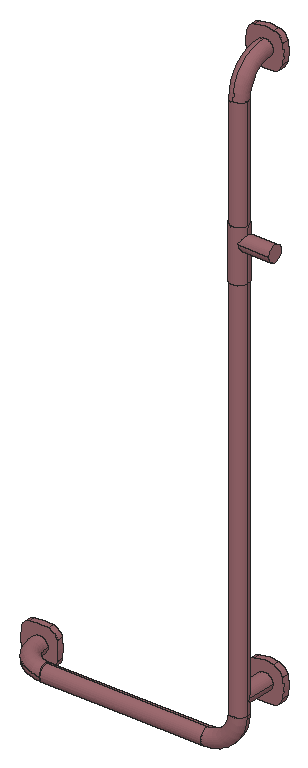
Revit family "Solo L shower support", category Specialty Equipment, Revit 2019
Family settings
  Round Connector Dimension = Use Diameter
  Part Type = Normal
  Work Plane-Based = No
  Always vertical = Yes
  Cut with Voids When Loaded = No
  Shared = No
  Room Calculation Point = No
Parameters (values of type "163805R")
  _Width_ = 440 mm
  _Height_ = 1200 mm
  _BIM_Content_Update_Date_ = ""  # constant formula
  _BIM_Content_Publish_Date_ = "08.07.2021"  # constant formula
  _BIM_Author_Contact_Details_ = "Mika Leinonen, B.Eng\r\nRevit BIM and 3D-visualization specialist\r\n\r\nCEO, Treedee Oy\r\n\r\nmika.leinonen@treedee.fi\r\n\r\n+358 (0) 40 188 5182\r\n\r\nwww.treedee.fi"
  _BIM_Author_ = "Mika Leinonen - Treedee Oy"  # constant formula
  URL = "www.korpinen.com"
  Right_Handed_ = yes
  Model = ""
  Manufacturer = "Väinö Korpinen Oy"  # constant formula
  _Color_ = RAL 3003 - Red
  Left_Handed_ = not(Right_Handed_)  # no
Types (6, lengths in mm): name | Right_Handed_ | _Color_ | Left_Handed_
  16806WAM | no | RAL 9016 - White | yes
  16806R | no | RAL 3003 - Red | yes
  16806G | no | RAL 7037 - Grey | yes
  16805GAM | yes | RAL 7037 - Grey | no
  163805R | yes | RAL 3003 - Red | no
  16805W | yes | RAL 9016 - White | no
Reference planes
  plane 1 "Center (Front/Back)": y = 0
  plane 2: z = 0
  plane 3 "Center (Left/Right)": x = 0
  plane 4: z = 0
  plane 5: x = 440
  plane 6: z = 1200
  plane 7: z = 90
  plane 8: y = -74
  plane 9: z = 0
Forms (mm)
  Sweep 1, solid, material "RAL 3003 - Red" <- "_Color_", visible <- "Left_Handed_"
    path origin (0, 0, 0) x (1, 0, 0) y (0, 0, 1)
      loop
        line (378, 0) -> (62, 0)
        arc (62, 0) -> (18.159, 18.159) -> (0, 62) r 62
        line (0, 62) -> (0, 1138)
    profile origin (0, 0, 600) x (-1, 0, 0) y (0, -1, 0)
      loop
        circle (0, 74) r 16
  Extrusion 2, solid, material "RAL 3003 - Red" <- "_Color_", visible <- "Left_Handed_"
    sketch origin (0, 0, -90) x (1, 0, 0) y (0, 0, 1)
      loop
        arc (458.5, 125) -> (440, 126.771) -> (421.5, 125) r 97.5
        arc (421.5, 125) -> (410.944, 119.056) -> (405, 108.5) r 22.5
        arc (405, 108.5) -> (403.229, 90) -> (405, 71.5) r 97.5
        arc (405, 71.5) -> (410.944, 60.944) -> (421.5, 55) r 22.5
        arc (421.5, 55) -> (440, 53.229) -> (458.5, 55) r 97.5
        arc (458.5, 55) -> (469.056, 60.944) -> (475, 71.5) r 22.5
        arc (475, 71.5) -> (476.771, 90) -> (475, 108.5) r 97.5
        arc (475, 108.5) -> (469.056, 119.056) -> (458.5, 125) r 22.5
      loop
        arc (35, 198.5) -> (29.056, 209.056) -> (18.5, 215) r 22.5
        arc (18.5, 215) -> (0, 216.771) -> (-18.5, 215) r 97.5
        arc (-18.5, 215) -> (-29.056, 209.056) -> (-35, 198.5) r 22.5
        arc (-35, 198.5) -> (-36.771, 180) -> (-35, 161.5) r 97.5
        arc (-35, 161.5) -> (-29.056, 150.944) -> (-18.5, 145) r 22.5
        arc (-18.5, 145) -> (0, 143.229) -> (18.5, 145) r 97.5
        arc (18.5, 145) -> (29.056, 150.944) -> (35, 161.5) r 22.5
        arc (35, 161.5) -> (36.771, 180) -> (35, 198.5) r 97.5
      loop
        arc (18.5, 1325) -> (0, 1326.771) -> (-18.5, 1325) r 97.5
        arc (-18.5, 1325) -> (-29.056, 1319.056) -> (-35, 1308.5) r 22.5
        arc (-35, 1308.5) -> (-36.771, 1290) -> (-35, 1271.5) r 97.5
        arc (-35, 1271.5) -> (-29.056, 1260.944) -> (-18.5, 1255) r 22.5
        arc (-18.5, 1255) -> (0, 1253.229) -> (18.5, 1255) r 97.5
        arc (18.5, 1255) -> (29.056, 1260.944) -> (35, 1271.5) r 22.5
        arc (35, 1271.5) -> (36.771, 1290) -> (35, 1308.5) r 97.5
        arc (35, 1308.5) -> (29.056, 1319.056) -> (18.5, 1325) r 22.5
    from 0 to 12
  Sweep 3, solid, material "RAL 3003 - Red" <- "_Color_", visible <- "Left_Handed_"
    path origin (0, 0, 0) x (0, 1, 0) y (0, 0, 1)
      loop
        arc (-12, 1200) -> (-55.841, 1181.841) -> (-74, 1138) r 62
    profile origin (0, -55.841, 1181.841) x (0, 0.707107, -0.707107) y (1, 0, 0)
      loop
        circle (0, 0) r 16
  Extrusion 4, solid, material "RAL 3003 - Red" <- "_Color_", visible <- "Left_Handed_"
    sketch origin (0, -12, -90) x (1, 0, 0) y (0, 0, 1)
      loop
        circle (0, 180) r 16
    from 0 to 62
  Sweep 5, solid, material "RAL 3003 - Red" <- "_Color_", visible <- "Left_Handed_"
    path origin (0, 0, 0) x (1, 0, 0) y (0, 1, 0)
      loop
        arc (440, -12) -> (421.841, -55.841) -> (378, -74) r 62
    profile origin (421.841, -55.841, 0) x (0.707107, -0.707107, 0) y (0, 0, 1)
      loop
        circle (0, 0) r 16
  Sweep 6, solid, material "RAL 3003 - Red" <- "_Color_", visible <- "Right_Handed_"
    path origin (440, 0, 0) x (-1, 0, 0) y (0, 0, 1)
      loop
        line (378, 0) -> (62, 0)
        arc (62, 0) -> (18.159, 18.159) -> (0, 62) r 62
        line (0, 62) -> (0, 1138)
    profile origin (440, 0, 600) x (-1, 0, 0) y (0, -1, 0)
      loop
        circle (0, 74) r 16
  Extrusion 7, solid, material "RAL 3003 - Red" <- "_Color_", visible <- "Right_Handed_"
    sketch origin (440, 0, -90) x (-1, 0, 0) y (0, 0, -1)
      loop
        arc (458.5, -125) -> (469.056, -119.056) -> (475, -108.5) r 22.5
        arc (475, -108.5) -> (476.771, -90) -> (475, -71.5) r 97.5
        arc (475, -71.5) -> (469.056, -60.944) -> (458.5, -55) r 22.5
        arc (458.5, -55) -> (440, -53.229) -> (421.5, -55) r 97.5
        arc (421.5, -55) -> (410.944, -60.944) -> (405, -71.5) r 22.5
        arc (405, -71.5) -> (403.229, -90) -> (405, -108.5) r 97.5
        arc (405, -108.5) -> (410.944, -119.056) -> (421.5, -125) r 22.5
        arc (421.5, -125) -> (440, -126.771) -> (458.5, -125) r 97.5
      loop
        arc (35, -198.5) -> (36.771, -180) -> (35, -161.5) r 97.5
        arc (35, -161.5) -> (29.056, -150.944) -> (18.5, -145) r 22.5
        arc (18.5, -145) -> (0, -143.229) -> (-18.5, -145) r 97.5
        arc (-18.5, -145) -> (-29.056, -150.944) -> (-35, -161.5) r 22.5
        arc (-35, -161.5) -> (-36.771, -180) -> (-35, -198.5) r 97.5
        arc (-35, -198.5) -> (-29.056, -209.056) -> (-18.5, -215) r 22.5
        arc (-18.5, -215) -> (0, -216.771) -> (18.5, -215) r 97.5
        arc (18.5, -215) -> (29.056, -209.056) -> (35, -198.5) r 22.5
      loop
        arc (18.5, -1325) -> (29.056, -1319.056) -> (35, -1308.5) r 22.5
        arc (35, -1308.5) -> (36.771, -1290) -> (35, -1271.5) r 97.5
        arc (35, -1271.5) -> (29.056, -1260.944) -> (18.5, -1255) r 22.5
        arc (18.5, -1255) -> (0, -1253.229) -> (-18.5, -1255) r 97.5
        arc (-18.5, -1255) -> (-29.056, -1260.944) -> (-35, -1271.5) r 22.5
        arc (-35, -1271.5) -> (-36.771, -1290) -> (-35, -1308.5) r 97.5
        arc (-35, -1308.5) -> (-29.056, -1319.056) -> (-18.5, -1325) r 22.5
        arc (-18.5, -1325) -> (0, -1326.771) -> (18.5, -1325) r 97.5
    from 0 to 12
  Sweep 8, solid, material "RAL 3003 - Red" <- "_Color_", visible <- "Right_Handed_"
    path origin (440, 0, 0) x (0, 1, 0) y (0, 0, -1)
      loop
        arc (-12, -1200) -> (-55.841, -1181.841) -> (-74, -1138) r 62
    profile origin (440, -55.841, 1181.841) x (0, -0.707107, 0.707107) y (-1, 0, 0)
      loop
        circle (0, 0) r 16
  Extrusion 9, solid, material "RAL 3003 - Red" <- "_Color_", visible <- "Right_Handed_"
    sketch origin (440, -12, -90) x (-1, 0, 0) y (0, 0, -1)
      loop
        circle (0, -180) r 16
    from 0 to 62
  Sweep 10, solid, material "RAL 3003 - Red" <- "_Color_", visible <- "Right_Handed_"
    path origin (440, 0, 0) x (-1, 0, 0) y (0, 1, 0)
      loop
        arc (440, -12) -> (421.841, -55.841) -> (378, -74) r 62
    profile origin (18.159, -55.841, 0) x (0.707107, 0.707107, 0) y (0, 0, 1)
      loop
        circle (0, 0) r 16
Cuts and joins
  joined: Extrusion 2, Extrusion 4
  joined: Sweep 1, Sweep 3, Sweep 5
Dimensions and locks
  "_Width_": plane 5 to plane 3 "Center (Left/Right)"
  "_Height_": plane 6 to level
  locked: plane 7 to plane 2 at 90
  locked: plane 1 "Center (Front/Back)" to plane 8 at 74
  aligned and locked: level to plane 2
  aligned and locked: plane 3 "Center (Left/Right)" to nested 1
Automatic sketch dimensions
  Sweep 1 sketch curve to plane 3 "Center (Left/Right)" = 0 mm
  Sweep 1 sketch curve to level = 0 mm
  Sweep 1 sketch curve to plane 7 = 28 mm
  Sweep 1 sketch curve to plane 5 = 62 mm
  Sweep 1 sketch curve to plane 6 = 62 mm
  Sweep 1 sketch curve to profile plane = 0 mm
  plane 1 "Center (Front/Back)" to Sweep 1 sketch curve = 74 mm
  Extrusion 2 sketch curve to plane 6 = 0 mm  (x2)
  Extrusion 2 sketch curve to plane 7 = 0 mm  (x2)
  Extrusion 2 sketch curve to plane 3 "Center (Left/Right)" = 0 mm  (x4)
  Extrusion 2 sketch curve to level = 0 mm  (x2)
  Extrusion 2 sketch curve to plane 5 = 0 mm  (x2)
  Extrusion 2 sketch curve to plane 3 "Center (Left/Right)" = 13.146 mm  (x4)
  Extrusion 2 sketch curve to Extrusion 2 sketch curve = 47.583 mm  (x8)
  plane 3 "Center (Left/Right)" to Extrusion 2 sketch curve = 13.146 mm  (x4)
  Extrusion 2 sketch curve to plane 5 = 60.729 mm
  Extrusion 2 sketch curve to plane 5 = 13.146 mm  (x2)
  plane 5 to Extrusion 2 sketch curve = 13.146 mm  (x2)
  Extrusion 2 sketch curve to level = 13.146 mm  (x2)
  level to Extrusion 2 sketch curve = 13.146 mm  (x2)
  level to Extrusion 2 sketch curve = 29.271 mm
  Extrusion 2 sketch curve to plane 7 = 29.271 mm
  Extrusion 2 sketch curve to plane 7 = 13.146 mm  (x2)
  plane 7 to Extrusion 2 sketch curve = 13.146 mm
  Extrusion 2 sketch curve to Extrusion 2 sketch curve = 0 mm
  Extrusion 2 sketch curve to plane 6 = 60.729 mm
  Extrusion 2 sketch curve to plane 6 = 13.146 mm  (x2)
  plane 6 to Extrusion 2 sketch curve = 13.146 mm  (x2)
  Extrusion 2 sketch curve to plane 3 "Center (Left/Right)" = 18.5 mm  (x4)
  Extrusion 2 sketch curve to Extrusion 2 sketch curve = 21.854 mm  (x6)
  plane 6 to Extrusion 2 sketch curve = 18.5 mm  (x2)
  plane 7 to Extrusion 2 sketch curve = 18.5 mm
  plane 3 "Center (Left/Right)" to Extrusion 2 sketch curve = 18.5 mm  (x4)
  Extrusion 2 sketch curve to plane 7 = 18.5 mm
  Extrusion 2 sketch curve to level = 18.5 mm
  Extrusion 2 sketch curve to plane 5 = 18.5 mm  (x2)
  plane 5 to Extrusion 2 sketch curve = 18.5 mm  (x2)
  level to Extrusion 2 sketch curve = 18.5 mm
  Sweep 3 sketch curve to plane 8 = 0 mm
  Sweep 3 sketch curve to plane 6 = 0 mm
  plane 1 "Center (Front/Back)" to Sweep 3 sketch curve = 12 mm
  Sweep 3 sketch curve to plane 3 "Center (Left/Right)" = 0 mm
  Sweep 3 sketch curve to profile plane = 0 mm
  Extrusion 4 sketch curve to Extrusion 4 sketch curve = 0 mm  (x2)
  Extrusion 4 sketch curve to Extrusion 4 sketch curve = 16 mm
  plane 8 to Sweep 5 sketch curve = 0 mm
  Sweep 5 sketch curve to plane 5 = 0 mm
  plane 1 "Center (Front/Back)" to Sweep 5 sketch curve = 12 mm
  Sweep 5 sketch curve to level = 0 mm
  Sweep 5 sketch curve to profile plane = 0 mm
  Sweep 6 sketch curve to plane 5 = 0 mm
  Sweep 6 sketch curve to level = 0 mm
  plane 7 to Sweep 6 sketch curve = 28 mm
  Sweep 6 sketch curve to plane 3 "Center (Left/Right)" = 62 mm
  plane 6 to Sweep 6 sketch curve = 62 mm
  Sweep 6 sketch curve to profile plane = 0 mm
  plane 1 "Center (Front/Back)" to Sweep 6 sketch curve = 74 mm
  Extrusion 7 sketch curve to plane 6 = 0 mm  (x2)
  Extrusion 7 sketch curve to plane 7 = 0 mm  (x2)
  Extrusion 7 sketch curve to plane 5 = 0 mm  (x4)
  Extrusion 7 sketch curve to level = 0 mm  (x2)
  Extrusion 7 sketch curve to plane 3 "Center (Left/Right)" = 0 mm  (x2)
  Extrusion 7 sketch curve to plane 5 = 13.146 mm  (x4)
  Extrusion 7 sketch curve to Extrusion 7 sketch curve = 47.583 mm  (x8)
  plane 5 to Extrusion 7 sketch curve = 13.146 mm  (x4)
  Extrusion 7 sketch curve to plane 3 "Center (Left/Right)" = 60.729 mm
  Extrusion 7 sketch curve to plane 3 "Center (Left/Right)" = 13.146 mm  (x2)
  plane 3 "Center (Left/Right)" to Extrusion 7 sketch curve = 13.146 mm  (x2)
  level to Extrusion 7 sketch curve = 13.146 mm  (x2)
  Extrusion 7 sketch curve to level = 13.146 mm  (x2)
  Extrusion 7 sketch curve to level = 29.271 mm
  plane 7 to Extrusion 7 sketch curve = 29.271 mm
  plane 7 to Extrusion 7 sketch curve = 13.146 mm  (x2)
  Extrusion 7 sketch curve to plane 7 = 13.146 mm
  Extrusion 7 sketch curve to Extrusion 7 sketch curve = 0 mm
  plane 6 to Extrusion 7 sketch curve = 60.729 mm
  plane 6 to Extrusion 7 sketch curve = 13.146 mm  (x2)
  Extrusion 7 sketch curve to plane 6 = 13.146 mm  (x2)
  Extrusion 7 sketch curve to plane 5 = 18.5 mm  (x4)
  Extrusion 7 sketch curve to Extrusion 7 sketch curve = 21.854 mm  (x6)
  Extrusion 7 sketch curve to plane 6 = 18.5 mm  (x2)
  Extrusion 7 sketch curve to plane 7 = 18.5 mm
  plane 5 to Extrusion 7 sketch curve = 18.5 mm  (x4)
  plane 7 to Extrusion 7 sketch curve = 18.5 mm
  level to Extrusion 7 sketch curve = 18.5 mm
  Extrusion 7 sketch curve to plane 3 "Center (Left/Right)" = 18.5 mm  (x2)
  plane 3 "Center (Left/Right)" to Extrusion 7 sketch curve = 18.5 mm  (x2)
  Extrusion 7 sketch curve to level = 18.5 mm
  Sweep 8 sketch curve to plane 8 = 0 mm
  Sweep 8 sketch curve to plane 6 = 0 mm
  plane 1 "Center (Front/Back)" to Sweep 8 sketch curve = 12 mm
  profile plane to Sweep 8 sketch curve = 0 mm
  Sweep 8 sketch curve to profile plane = 0 mm
  Extrusion 9 sketch curve to Extrusion 9 sketch curve = 0 mm  (x2)
  Extrusion 9 sketch curve to Extrusion 9 sketch curve = 16 mm
  plane 8 to Sweep 10 sketch curve = 0 mm
  Sweep 10 sketch curve to plane 3 "Center (Left/Right)" = 0 mm
  Sweep 10 sketch curve to plane 1 "Center (Front/Back)" = 12 mm
  Sweep 10 sketch curve to level = 0 mm
  Sweep 10 sketch curve to profile plane = 0 mm
  radius of Sweep 1 sketch curve = 16 mm
  radius of Sweep 3 sketch curve = 16 mm
  radius of Sweep 5 sketch curve = 16 mm
  radius of Sweep 6 sketch curve = 16 mm
  radius of Sweep 8 sketch curve = 16 mm
  radius of Sweep 10 sketch curve = 16 mm
Nested families
  nested 1: "Modular shower holder" at (0, -12, 820) x (-1, 0, 0) z (0, 0, 1), visible <- "Left_Handed_", type "Angle 90"
  nested 2: "Modular shower holder" at (440, -12, 820), visible <- "Right_Handed_", type "Angle 90"
Definition of nested family "Modular shower holder"
  Parameters (values of type "Angle 90")
    URL = ""
    Model = ""
    Manufacturer = ""
    Colour = none
    Assembly Code = ""
  Reference planes
    plane 1 "Center (Front/Back)": y = 0
    plane 2: z = 0
    plane 3 "Center (Left/Right)": x = 0
    plane 4: z = 0
    plane 5: x = 0
    plane 6: y = -62
    plane 7: z = 100
    plane 8: x = 70
  Forms (mm)
    Extrusion 1, solid, material <- "Colour"
      sketch origin (0, 0, 0) x (1, 0, 0) y (0, 1, 0)
        loop
          circle (0, -62) r 17.5
      from 0 to 100
    Extrusion 2, solid, material <- "Colour"
      sketch origin (0, 0, 0) x (0, 1, 0) y (0, 0, 1)
        loop
          circle (-62, 70) r 15
      from 0 to 70
  Cuts and joins
    joined: Extrusion 1, Extrusion 2
  Lines and regions (mm)
    symbolic lines
      curve 1: arc (9.014, -77, 0) -> (-17.5, -62, 0) -> (9.014, -47, 0) r 17.5
      curve 2: line (9.014, -47, 0) -> (70, -47, 0)
      curve 3: line (70, -47, 0) -> (70, -77, 0)
      curve 4: line (70, -77, 0) -> (9.014, -77, 0)
  Dimensions and locks
    plane 6 to plane 1 "Center (Front/Back)" = 62 mm
    locked: plane 7 to level at 100
    aligned and locked: level to plane 2
    aligned and locked: Extrusion 1 to plane 7
    aligned and locked: Extrusion 1 to level
    aligned and locked: plane 8 to Extrusion 2
    aligned and locked: Extrusion 2 to plane 3 "Center (Left/Right)"
